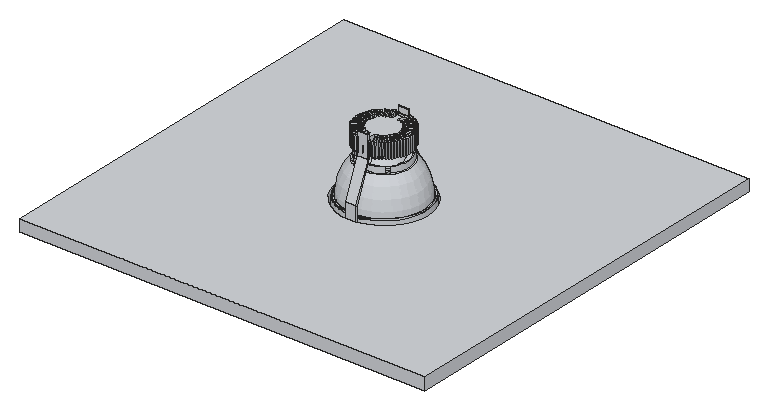
Revit family "VPX143 Double Wallwasher", category Lighting Fixtures, Revit 2014
Parameters (values of type "VPX143 Corner Wallwasher")
  Wattage Comments = "19.5"
  Wattage = 19.5 W
  built-in parameter 1150110 = 1 (stored number, unit not read)
  Type Comments = "Recessed"
  Type = "VPX143 Double Wallwasher"
  built-in parameter 1114217 = 1 (stored number, unit not read)
  Tilt Angle = 90.00°
  built-in parameter 1150109 = 1 (stored number, unit not read)
  built-in parameter 1150134 = (empty or 0)
  built-in parameter 1150113 = 1 (stored number, unit not read)
  Photometric Web File = "C3908.ies"
  O/A Diameter (mm) = "143"
  Model = "VPX143 Double Wallwasher"
  Manufacturer = "Designed Architectural Lighting"
  Luminous flux of luminaire (lm) = "2000"
  Lumens = 1998.75 lm
  built-in parameter 1150115 = 1 (stored number, unit not read)
  built-in parameter 1150105 = 159.06 (stored number, unit not read)
  built-in parameter 1150137 = (empty or 0)
  built-in parameter 1150139 = (empty or 0)
  built-in parameter 1150112 = 1 (stored number, unit not read)
  built-in parameter 1150114 = 1 (stored number, unit not read)
  Lamp = "LED"
  built-in parameter 1150132 = (empty or 0)
  built-in parameter 1150102 = (empty or 0)
  built-in parameter 1150138 = (empty or 0)
  built-in parameter 1150107 = 3000 (stored number, unit not read)
  built-in parameter 1150106 = 1.5906 (stored number, unit not read)
  Height (mm) = "125"
  built-in parameter 1150104 = 9.5226 (stored number, unit not read)
  Dimming Lamp Color Temperature Shift = <None>
  Description = "Recessed low brightness LED corner wallwasher"
  Cut Out (mm) = "131"
  Colour temperature (K) = "27000/3000/3500/4000"
  Color Filter = 16777215
  CRI = "80"
  built-in parameter 1114218 = 1 (stored number, unit not read)
  built-in parameter 1150133 = 10 (stored number, unit not read)
  Apparent Load = 19.5 VA
  Aperture (mm) = "100"
Reference planes
  plane 1 "Light Source Axis (F/B)": y = 0
  plane 2: z = 0
  plane 3 "Light Source Axis (L/R)": x = 0
  plane 4 "Light Source Elevation": z = 0
Forms (mm)
  Revolve 1, solid
    sketch origin (0, 0, 0) x (0, 1, 0) y (0, 0, 1)
      loop
        line (32.218, 76.537) -> (28.444, 76.537)
        arc (28.444, 76.537) -> (26.215, 75.748) -> (24.979, 73.732) r 3.542
        arc (24.979, 73.732) -> (15.057, 61.32) -> (0, 56.241) r 28.205
        line (0, 56.241) -> (0, 53.625)
        arc (0, 53.625) -> (17.499, 59.158) -> (28.444, 73.891) r 29.818
        line (28.444, 73.891) -> (32.218, 73.891) -> (32.218, 76.537)
      axis (0, 76.537) -> (0, 53.625)
    angle from 0 to 360
  Extrusion 2, solid
    sketch origin (1.875, -0.625, 0) x (1, 0, 0) y (0, 1, 0)
      loop
        line (-8.491, -38.066) -> (-8.491, -39.735) -> (6.509, -39.735) -> (6.509, -38.066) -> (-8.491, -38.066)
    from 92.996 to 125.22
  Extrusion 3, solid
    sketch origin (2.075, 80.578, 0) x (1, 0, 0) y (0, 1, 0)
      loop
        line (-9.083, -44.263) -> (-9.083, -45.652) -> (5.917, -45.652) -> (5.917, -44.263) -> (-9.083, -44.263)
    from 92.996 to 126.242
  Extrusion 4, solid
    sketch origin (2.075, -30.991, 0) x (1, 0, 0) y (0, 1, 0)
      loop
        line (-8.69, -30.82) -> (-8.69, -32.379) -> (6.31, -32.379) -> (6.31, -30.82) -> (-8.69, -30.82)
    from 3.8 to 40.975
  Extrusion 5, solid
    sketch origin (2.075, -21.759, 34.16) x (1, 0, 0) y (0, 0.914866, -0.403758)
      loop
        line (-8.69, -39.191) -> (-8.69, -40.839) -> (6.31, -40.839) -> (6.31, -39.191) -> (-8.69, -39.191)
    from -10.751 to 47.238
  Extrusion 6, solid
    sketch origin (2.075, 94.051, 69.507) x (1, 0, 0) y (0, 0.889554, 0.45683)
      loop
        line (-9.083, -40.714) -> (-9.083, -41.951) -> (5.917, -41.951) -> (5.917, -40.714) -> (-9.083, -40.714)
    from -11.237 to 48.07
  Extrusion 7, solid
    sketch origin (2.075, 110.905, 0) x (1, 0, 0) y (0, 1, 0)
      loop
        line (-9.083, -47.907) -> (-9.083, -49.183) -> (5.917, -49.183) -> (5.917, -47.907) -> (-9.083, -47.907)
    from 3.8 to 40.975
  Revolve 8, solid
    sketch origin (0, -0.008, 0) x (0, 1, 0) y (0, 0, 1)
      loop
        line (71.987, 0) -> (71.987, 2.117) -> (63.944, 2.117) -> (63.944, 3.8) -> (61.663, 3.8) -> (61.663, 24.673) -> (60.84, 24.673) -> (60.84, 26.768) -> (59.68, 26.768) -> (59.68, 1.768) -> (61.999, 1.768) -> (61.999, 0) -> (71.987, 0)
      axis (0, 26.768) -> (0, 0)
    angle from 0 to 360
  Extrusion 9, solid
    sketch origin (-38.915, -66.166, 2.266) x (1, 0, 0) y (0, 1, 0)
      loop
        line (-261.085, 366.181) -> (-261.085, -233.819) -> (338.915, -233.819) -> (338.915, 366.181) -> (-261.085, 366.181)
      loop
        circle (38.915, 66.181) r 65.5
    from 0 to 18
  Revolve 10, solid
    sketch origin (0, 0, 0) x (0, 1, 0) y (0, 0, 1)
      loop
        line (32.58, 77.504) -> (25.618, 77.504) -> (19.543, 86.509)
        arc (19.543, 86.509) -> (19.242, 88.412) -> (20.857, 89.461) r 1.768
        line (20.857, 89.461) -> (27.065, 89.461)
        arc (27.065, 89.461) -> (28.652, 90.036) -> (29.779, 91.291) r 3.466
        line (29.779, 91.291) -> (29.779, 96.291) -> (28.776, 96.291) -> (28.776, 92.372)
        arc (28.776, 92.372) -> (28.206, 90.996) -> (26.83, 90.426) r 1.946
        line (26.83, 90.426) -> (20.734, 90.426)
        arc (20.734, 90.426) -> (18.503, 89.004) -> (18.665, 86.364) r 2.606
        line (18.665, 86.364) -> (25.283, 76.552) -> (32.58, 76.552) -> (32.58, 77.504)
      axis (0, 96.291) -> (0, 76.552)
    angle from 0 to 360
  Extrusion 11, solid
    sketch origin (0.632, -2.118, 0) x (0, 1, 0) y (-1, 0, 0)
      loop
        line (8.036, -21.346) -> (9.763, -25.224)
        arc (9.763, -25.224) -> (9.158, -26.377) -> (9.105, -27.677) r 2.965
        line (9.105, -27.677) -> (12.96, -37.219)
        arc (12.96, -37.219) -> (13.673, -37.522) -> (13.976, -36.809) r 0.548
        line (13.976, -36.809) -> (10.23, -27.537)
        arc (10.23, -27.537) -> (10.843, -26.092) -> (12.288, -26.705) r 1.11
        line (12.288, -26.705) -> (16.28, -35.672)
        arc (16.28, -35.672) -> (17.02, -35.956) -> (17.304, -35.216) r 0.56
        line (17.304, -35.216) -> (13.182, -25.959)
        arc (13.182, -25.959) -> (12.31, -24.958) -> (11.028, -24.618) r 2.262
        line (11.028, -24.618) -> (9.403, -20.596) -> (11.989, -19.445) -> (14.463, -22.849)
        arc (14.463, -22.849) -> (14.111, -24.102) -> (14.33, -25.385) r 2.965
        line (14.33, -25.385) -> (20.084, -33.917)
        arc (20.084, -33.917) -> (20.845, -34.065) -> (20.992, -33.305) r 0.548
        line (20.992, -33.305) -> (15.4, -25.014)
        arc (15.4, -25.014) -> (15.7, -23.474) -> (17.241, -23.773) r 1.11
        line (17.241, -23.773) -> (23.009, -31.713)
        arc (23.009, -31.713) -> (23.792, -31.837) -> (23.916, -31.055) r 0.56
        line (23.916, -31.055) -> (17.96, -22.857)
        arc (17.96, -22.857) -> (16.899, -22.059) -> (15.574, -21.994) r 2.262
        line (15.574, -21.994) -> (13.148, -18.397) -> (15.119, -16.427) -> (18.389, -19.585)
        arc (18.389, -19.585) -> (18.26, -20.88) -> (18.699, -22.105) r 2.965
        line (18.699, -22.105) -> (25.847, -29.508)
        arc (25.847, -29.508) -> (26.622, -29.522) -> (26.635, -28.747) r 0.548
        line (26.635, -28.747) -> (19.689, -21.554)
        arc (19.689, -21.554) -> (19.716, -19.985) -> (21.285, -20.012) r 1.11
        line (21.285, -20.012) -> (28.346, -26.83)
        arc (28.346, -26.83) -> (29.138, -26.816) -> (29.124, -26.024) r 0.56
        line (29.124, -26.024) -> (21.835, -18.985)
        arc (21.835, -18.985) -> (20.652, -18.383) -> (19.335, -18.549) r 2.262
        line (19.335, -18.549) -> (16.322, -15.429) -> (18.148, -13.304) -> (21.857, -15.622)
        arc (21.857, -15.622) -> (22.001, -16.916) -> (22.684, -18.023) r 2.965
        line (22.684, -18.023) -> (31.216, -23.778)
        arc (31.216, -23.778) -> (31.976, -23.63) -> (31.828, -22.87) r 0.548
        line (31.828, -22.87) -> (23.538, -17.278)
        arc (23.538, -17.278) -> (23.238, -15.737) -> (24.779, -15.438) r 1.11
        line (24.779, -15.438) -> (33.102, -20.639)
        arc (33.102, -20.639) -> (33.874, -20.461) -> (33.696, -19.689) r 0.56
        line (33.696, -19.689) -> (25.103, -14.319)
        arc (25.103, -14.319) -> (23.821, -13.977) -> (22.567, -14.412) r 2.262
        line (22.567, -14.412) -> (18.971, -11.987) -> (20.87, -9.394) -> (24.954, -10.962)
        arc (24.954, -10.962) -> (25.341, -12.204) -> (26.224, -13.161) r 2.965
        line (26.224, -13.161) -> (35.697, -17.182)
        arc (35.697, -17.182) -> (36.415, -16.892) -> (36.125, -16.174) r 0.548
        line (36.125, -16.174) -> (26.92, -12.267)
        arc (26.92, -12.267) -> (26.332, -10.811) -> (27.787, -10.224) r 1.11
        line (27.787, -10.224) -> (36.95, -13.741)
        arc (36.95, -13.741) -> (37.673, -13.419) -> (37.351, -12.695) r 0.56
        line (37.351, -12.695) -> (27.891, -9.063)
        arc (27.891, -9.063) -> (26.567, -8.972) -> (25.42, -9.639) r 2.262
        line (25.42, -9.639) -> (21.427, -7.944) -> (22.262, -3.209) -> (24.741, -3.209)
        arc (24.741, -3.209) -> (29.592, -5.948) -> (34.984, -7.347) r 21.462
        line (34.984, -7.347) -> (36.065, -8.428) -> (39.133, -8.428) -> (39.133, -7.36) -> (36.601, -7.36) -> (36.601, 7.64) -> (39.186, 7.64) -> (39.186, 8.514) -> (36.351, 8.514) -> (34.984, 7.592) -> (34.984, -2.408)
        arc (34.984, -2.408) -> (34.341, -3.853) -> (32.76, -3.798) r 1.415
        line (32.76, -3.798) -> (31.024, -2.537) -> (31.024, 3.409) -> (22.339, 3.409) -> (21.555, 7.853) -> (25.597, 9.568)
        arc (25.597, 9.568) -> (26.744, 8.901) -> (28.067, 8.992) r 2.262
        line (28.067, 8.992) -> (37.528, 12.624)
        arc (37.528, 12.624) -> (37.85, 13.348) -> (37.126, 13.67) r 0.56
        line (37.126, 13.67) -> (27.963, 10.153)
        arc (27.963, 10.153) -> (26.508, 10.741) -> (27.096, 12.196) r 1.11
        line (27.096, 12.196) -> (36.301, 16.103)
        arc (36.301, 16.103) -> (36.591, 16.821) -> (35.873, 17.111) r 0.548
        line (35.873, 17.111) -> (26.4, 13.09)
        arc (26.4, 13.09) -> (25.518, 12.133) -> (25.13, 10.891) r 2.965
        line (25.13, 10.891) -> (21.047, 9.323) -> (19.147, 11.916) -> (22.744, 14.341)
        arc (22.744, 14.341) -> (23.997, 13.906) -> (25.279, 14.248) r 2.262
        line (25.279, 14.248) -> (33.873, 19.618)
        arc (33.873, 19.618) -> (34.051, 20.39) -> (33.279, 20.568) r 0.56
        line (33.279, 20.568) -> (24.955, 15.367)
        arc (24.955, 15.367) -> (23.415, 15.666) -> (23.714, 17.207) r 1.11
        line (23.714, 17.207) -> (32.005, 22.799)
        arc (32.005, 22.799) -> (32.152, 23.559) -> (31.392, 23.707) r 0.548
        line (31.392, 23.707) -> (22.861, 17.952)
        arc (22.861, 17.952) -> (22.177, 16.845) -> (22.034, 15.551) r 2.965
        line (22.034, 15.551) -> (18.324, 13.233) -> (16.498, 15.358) -> (19.512, 18.478)
        arc (19.512, 18.478) -> (20.828, 18.312) -> (22.011, 18.914) r 2.262
        line (22.011, 18.914) -> (29.3, 25.953)
        arc (29.3, 25.953) -> (29.314, 26.745) -> (28.522, 26.759) r 0.56
        line (28.522, 26.759) -> (21.462, 19.941)
        arc (21.462, 19.941) -> (19.893, 19.914) -> (19.865, 21.483) r 1.11
        line (19.865, 21.483) -> (26.812, 28.676)
        arc (26.812, 28.676) -> (26.798, 29.451) -> (26.024, 29.437) r 0.548
        line (26.024, 29.437) -> (18.875, 22.034)
        arc (18.875, 22.034) -> (18.437, 20.809) -> (18.566, 19.514) r 2.965
        line (18.566, 19.514) -> (15.419, 16.475) -> (13.325, 18.326) -> (15.751, 21.923)
        arc (15.751, 21.923) -> (17.076, 21.988) -> (18.136, 22.786) r 2.262
        line (18.136, 22.786) -> (24.092, 30.984)
        arc (24.092, 30.984) -> (23.969, 31.766) -> (23.186, 31.642) r 0.56
        line (23.186, 31.642) -> (17.417, 23.702)
        arc (17.417, 23.702) -> (15.876, 23.403) -> (15.577, 24.943) r 1.11
        line (15.577, 24.943) -> (21.169, 33.234)
        arc (21.169, 33.234) -> (21.021, 33.994) -> (20.261, 33.846) r 0.548
        line (20.261, 33.846) -> (14.506, 25.315)
        arc (14.506, 25.315) -> (14.287, 24.031) -> (14.639, 22.778) r 2.965
        line (14.639, 22.778) -> (12.068, 19.24) -> (9.579, 20.525) -> (11.204, 24.548)
        arc (11.204, 24.548) -> (12.487, 24.887) -> (13.358, 25.888) r 2.262
        line (13.358, 25.888) -> (17.48, 35.145)
        arc (17.48, 35.145) -> (17.196, 35.885) -> (16.456, 35.601) r 0.56
        line (16.456, 35.601) -> (12.464, 26.634)
        arc (12.464, 26.634) -> (11.02, 26.021) -> (10.406, 27.466) r 1.11
        line (10.406, 27.466) -> (14.152, 36.738)
        arc (14.152, 36.738) -> (13.85, 37.451) -> (13.137, 37.148) r 0.548
        line (13.137, 37.148) -> (9.282, 27.606)
        arc (9.282, 27.606) -> (9.334, 26.306) -> (9.939, 25.153) r 2.965
        line (9.939, 25.153) -> (8.16, 21.157) -> (5.456, 21.949) -> (6.209, 26.222)
        arc (6.209, 26.222) -> (7.393, 26.82) -> (8.038, 27.98) r 2.262
        line (8.038, 27.98) -> (10.144, 37.892)
        arc (10.144, 37.892) -> (9.713, 38.557) -> (9.048, 38.125) r 0.56
        line (9.048, 38.125) -> (7.008, 28.525)
        arc (7.008, 28.525) -> (5.722, 27.625) -> (4.822, 28.91) r 1.11
        line (4.822, 28.91) -> (6.558, 38.758)
        arc (6.558, 38.758) -> (6.114, 39.393) -> (5.48, 38.949) r 0.548
        line (5.48, 38.949) -> (3.693, 28.814)
        arc (3.693, 28.814) -> (4.015, 27.553) -> (4.846, 26.551) r 2.965
        line (4.846, 26.551) -> (3.936, 22.272) -> (0.629, 22.571) -> (0.629, 26.945)
        arc (0.629, 26.945) -> (1.65, 27.752) -> (2.227, 28.919) r 2.965
        line (2.227, 28.919) -> (2.586, 39.204)
        arc (2.586, 39.204) -> (2.058, 39.77) -> (1.492, 39.242) r 0.548
        line (1.492, 39.242) -> (1.143, 29.248)
        arc (1.143, 29.248) -> (-0.005, 28.178) -> (-1.076, 29.325) r 1.11
        line (-1.076, 29.325) -> (-1.076, 39.14)
        arc (-1.076, 39.14) -> (-1.636, 39.7) -> (-2.196, 39.14) r 0.56
        line (-2.196, 39.14) -> (-2.196, 29.007)
        arc (-2.196, 29.007) -> (-1.807, 27.738) -> (-0.773, 26.906) r 2.262
        line (-0.773, 26.906) -> (-0.925, 22.571) -> (-3.664, 22.35) -> (-4.573, 26.629)
        arc (-4.573, 26.629) -> (-3.742, 27.631) -> (-3.42, 28.892) r 2.965
        line (-3.42, 28.892) -> (-5.207, 39.026)
        arc (-5.207, 39.026) -> (-5.842, 39.471) -> (-6.286, 38.836) r 0.548
        line (-6.286, 38.836) -> (-4.55, 28.988)
        arc (-4.55, 28.988) -> (-5.45, 27.703) -> (-6.735, 28.603) r 1.11
        line (-6.735, 28.603) -> (-8.776, 38.203)
        arc (-8.776, 38.203) -> (-9.441, 38.635) -> (-9.872, 37.97) r 0.56
        line (-9.872, 37.97) -> (-7.765, 28.058)
        arc (-7.765, 28.058) -> (-7.121, 26.898) -> (-5.937, 26.3) r 2.262
        line (-5.937, 26.3) -> (-5.184, 22.027) -> (-7.888, 21.235) -> (-9.667, 25.231)
        arc (-9.667, 25.231) -> (-9.062, 26.384) -> (-9.009, 27.684) r 2.965
        line (-9.009, 27.684) -> (-12.864, 37.226)
        arc (-12.864, 37.226) -> (-13.577, 37.529) -> (-13.88, 36.816) r 0.548
        line (-13.88, 36.816) -> (-10.134, 27.544)
        arc (-10.134, 27.544) -> (-10.747, 26.099) -> (-12.192, 26.712) r 1.11
        line (-12.192, 26.712) -> (-16.184, 35.679)
        arc (-16.184, 35.679) -> (-16.924, 35.963) -> (-17.208, 35.223) r 0.56
        line (-17.208, 35.223) -> (-13.086, 25.966)
        arc (-13.086, 25.966) -> (-12.215, 24.965) -> (-10.932, 24.625) r 2.262
        line (-10.932, 24.625) -> (-9.307, 20.603) -> (-11.796, 19.318) -> (-14.367, 22.856)
        arc (-14.367, 22.856) -> (-14.015, 24.109) -> (-14.234, 25.393) r 2.965
        line (-14.234, 25.393) -> (-19.988, 33.924)
        arc (-19.988, 33.924) -> (-20.749, 34.072) -> (-20.897, 33.312) r 0.548
        line (-20.897, 33.312) -> (-15.305, 25.021)
        arc (-15.305, 25.021) -> (-15.604, 23.481) -> (-17.145, 23.78) r 1.11
        line (-17.145, 23.78) -> (-22.914, 31.72)
        arc (-22.914, 31.72) -> (-23.696, 31.844) -> (-23.82, 31.062) r 0.56
        line (-23.82, 31.062) -> (-17.864, 22.864)
        arc (-17.864, 22.864) -> (-16.804, 22.066) -> (-15.478, 22.001) r 2.262
        line (-15.478, 22.001) -> (-13.053, 18.404) -> (-15.147, 16.553) -> (-18.293, 19.592)
        arc (-18.293, 19.592) -> (-18.165, 20.887) -> (-18.603, 22.112) r 2.965
        line (-18.603, 22.112) -> (-25.752, 29.515)
        arc (-25.752, 29.515) -> (-26.526, 29.529) -> (-26.54, 28.754) r 0.548
        line (-26.54, 28.754) -> (-19.593, 21.561)
        arc (-19.593, 21.561) -> (-19.62, 19.992) -> (-21.19, 20.019) r 1.11
        line (-21.19, 20.019) -> (-28.25, 26.837)
        arc (-28.25, 26.837) -> (-29.042, 26.823) -> (-29.028, 26.031) r 0.56
        line (-29.028, 26.031) -> (-21.739, 18.992)
        arc (-21.739, 18.992) -> (-20.556, 18.39) -> (-19.24, 18.556) r 2.262
        line (-19.24, 18.556) -> (-16.226, 15.436) -> (-18.052, 13.311) -> (-21.761, 15.629)
        arc (-21.761, 15.629) -> (-21.905, 16.923) -> (-22.588, 18.03) r 2.965
        line (-22.588, 18.03) -> (-31.12, 23.785)
        arc (-31.12, 23.785) -> (-31.88, 23.637) -> (-31.732, 22.877) r 0.548
        line (-31.732, 22.877) -> (-23.442, 17.285)
        arc (-23.442, 17.285) -> (-23.143, 15.744) -> (-24.683, 15.445) r 1.11
        line (-24.683, 15.445) -> (-33.007, 20.646)
        arc (-33.007, 20.646) -> (-33.779, 20.468) -> (-33.6, 19.696) r 0.56
        line (-33.6, 19.696) -> (-25.007, 14.326)
        arc (-25.007, 14.326) -> (-23.725, 13.984) -> (-22.472, 14.419) r 2.262
        line (-22.472, 14.419) -> (-18.979, 12.063) -> (-20.774, 9.401) -> (-24.858, 10.969)
        arc (-24.858, 10.969) -> (-25.245, 12.211) -> (-26.128, 13.168) r 2.965
        line (-26.128, 13.168) -> (-35.601, 17.189)
        arc (-35.601, 17.189) -> (-36.319, 16.899) -> (-36.029, 16.181) r 0.548
        line (-36.029, 16.181) -> (-26.824, 12.274)
        arc (-26.824, 12.274) -> (-26.236, 10.819) -> (-27.691, 10.231) r 1.11
        line (-27.691, 10.231) -> (-36.854, 13.748)
        arc (-36.854, 13.748) -> (-37.578, 13.426) -> (-37.255, 12.702) r 0.56
        line (-37.255, 12.702) -> (-27.795, 9.07)
        arc (-27.795, 9.07) -> (-26.471, 8.979) -> (-25.324, 9.646) r 2.262
        line (-25.324, 9.646) -> (-21.289, 7.933) -> (-22.142, 3.096) -> (-24.544, 3.096)
        arc (-24.544, 3.096) -> (-29.395, 5.836) -> (-34.788, 7.235) r 21.462
        line (-34.788, 7.235) -> (-35.869, 8.316) -> (-38.936, 8.316) -> (-38.936, 7.247) -> (-36.404, 7.247) -> (-36.404, -7.753) -> (-38.989, -7.753) -> (-38.989, -8.626) -> (-36.154, -8.626) -> (-34.788, -7.705) -> (-34.788, 2.295)
        arc (-34.788, 2.295) -> (-34.144, 3.741) -> (-32.563, 3.686) r 1.415
        line (-32.563, 3.686) -> (-30.827, 2.424) -> (-30.827, -3.521) -> (-22.142, -3.521) -> (-21.155, -7.866) -> (-25.148, -9.561)
        arc (-25.148, -9.561) -> (-26.295, -8.894) -> (-27.619, -8.985) r 2.262
        line (-27.619, -8.985) -> (-37.079, -12.617)
        arc (-37.079, -12.617) -> (-37.401, -13.341) -> (-36.677, -13.663) r 0.56
        line (-36.677, -13.663) -> (-27.514, -10.146)
        arc (-27.514, -10.146) -> (-26.059, -10.734) -> (-26.647, -12.189) r 1.11
        line (-26.647, -12.189) -> (-35.852, -16.096)
        arc (-35.852, -16.096) -> (-36.142, -16.814) -> (-35.424, -17.104) r 0.548
        line (-35.424, -17.104) -> (-25.951, -13.083)
        arc (-25.951, -13.083) -> (-25.069, -12.126) -> (-24.681, -10.884) r 2.965
        line (-24.681, -10.884) -> (-20.598, -9.316) -> (-18.802, -11.978) -> (-22.295, -14.334)
        arc (-22.295, -14.334) -> (-23.548, -13.899) -> (-24.83, -14.241) r 2.262
        line (-24.83, -14.241) -> (-33.424, -19.611)
        arc (-33.424, -19.611) -> (-33.602, -20.383) -> (-32.83, -20.561) r 0.56
        line (-32.83, -20.561) -> (-24.507, -15.36)
        arc (-24.507, -15.36) -> (-22.966, -15.659) -> (-23.266, -17.2) r 1.11
        line (-23.266, -17.2) -> (-31.556, -22.792)
        arc (-31.556, -22.792) -> (-31.704, -23.552) -> (-30.943, -23.7) r 0.548
        line (-30.943, -23.7) -> (-22.412, -17.945)
        arc (-22.412, -17.945) -> (-21.728, -16.838) -> (-21.585, -15.544) r 2.965
        line (-21.585, -15.544) -> (-17.876, -13.226) -> (-16.05, -15.351) -> (-19.063, -18.471)
        arc (-19.063, -18.471) -> (-20.38, -18.305) -> (-21.562, -18.907) r 2.262
        line (-21.562, -18.907) -> (-28.852, -25.946)
        arc (-28.852, -25.946) -> (-28.866, -26.738) -> (-28.073, -26.752) r 0.56
        line (-28.073, -26.752) -> (-21.013, -19.934)
        arc (-21.013, -19.934) -> (-19.444, -19.907) -> (-19.417, -21.476) r 1.11
        line (-19.417, -21.476) -> (-26.363, -28.669)
        arc (-26.363, -28.669) -> (-26.35, -29.444) -> (-25.575, -29.43) r 0.548
        line (-25.575, -29.43) -> (-18.426, -22.027)
        arc (-18.426, -22.027) -> (-17.988, -20.802) -> (-18.117, -19.507) r 2.965
        line (-18.117, -19.507) -> (-14.971, -16.468) -> (-12.876, -18.319) -> (-15.302, -21.916)
        arc (-15.302, -21.916) -> (-16.627, -21.981) -> (-17.688, -22.779) r 2.262
        line (-17.688, -22.779) -> (-23.644, -30.977)
        arc (-23.644, -30.977) -> (-23.52, -31.759) -> (-22.737, -31.635) r 0.56
        line (-22.737, -31.635) -> (-16.968, -23.695)
        arc (-16.968, -23.695) -> (-15.428, -23.396) -> (-15.128, -24.936) r 1.11
        line (-15.128, -24.936) -> (-20.72, -33.227)
        arc (-20.72, -33.227) -> (-20.572, -33.987) -> (-19.812, -33.839) r 0.548
        line (-19.812, -33.839) -> (-14.057, -25.308)
        arc (-14.057, -25.308) -> (-13.838, -24.024) -> (-14.19, -22.771) r 2.965
        line (-14.19, -22.771) -> (-11.619, -19.233) -> (-9.13, -20.518) -> (-10.756, -24.541)
        arc (-10.756, -24.541) -> (-12.038, -24.88) -> (-12.91, -25.881) r 2.262
        line (-12.91, -25.881) -> (-17.031, -35.138)
        arc (-17.031, -35.138) -> (-16.747, -35.878) -> (-16.008, -35.594) r 0.56
        line (-16.008, -35.594) -> (-12.016, -26.627)
        arc (-12.016, -26.627) -> (-10.571, -26.014) -> (-9.958, -27.459) r 1.11
        line (-9.958, -27.459) -> (-13.704, -36.731)
        arc (-13.704, -36.731) -> (-13.401, -37.444) -> (-12.688, -37.141) r 0.548
        line (-12.688, -37.141) -> (-8.833, -27.599)
        arc (-8.833, -27.599) -> (-8.886, -26.299) -> (-9.49, -25.146) r 2.965
        line (-9.49, -25.146) -> (-7.711, -21.15) -> (-5.621, -22.23) -> (-6.224, -26.518)
        arc (-6.224, -26.518) -> (-7.386, -27.158) -> (-7.99, -28.34) r 2.262
        line (-7.99, -28.34) -> (-9.749, -38.319)
        arc (-9.749, -38.319) -> (-9.295, -38.968) -> (-8.646, -38.514) r 0.56
        line (-8.646, -38.514) -> (-6.942, -28.848)
        arc (-6.942, -28.848) -> (-5.688, -27.904) -> (-4.744, -29.157) r 1.11
        line (-4.744, -29.157) -> (-6.135, -39.06)
        arc (-6.135, -39.06) -> (-5.669, -39.678) -> (-5.051, -39.212) r 0.548
        line (-5.051, -39.212) -> (-3.618, -29.021)
        arc (-3.618, -29.021) -> (-3.984, -27.772) -> (-4.85, -26.8) r 2.965
        line (-4.85, -26.8) -> (-4.09, -22.492) -> (-0.819, -23.069) -> (-0.666, -27.446)
        arc (-0.666, -27.446) -> (-1.7, -28.278) -> (-2.089, -29.546) r 2.262
        line (-2.089, -29.546) -> (-2.089, -39.679)
        arc (-2.089, -39.679) -> (-1.529, -40.24) -> (-0.968, -39.679) r 0.56
        line (-0.968, -39.679) -> (-0.968, -29.865)
        arc (-0.968, -29.865) -> (0.102, -28.717) -> (1.25, -29.787) r 1.11
        line (1.25, -29.787) -> (1.599, -39.781)
        arc (1.599, -39.781) -> (2.165, -40.309) -> (2.694, -39.743) r 0.548
        line (2.694, -39.743) -> (2.334, -29.458)
        arc (2.334, -29.458) -> (1.757, -28.291) -> (0.736, -27.484) r 2.965
        line (0.736, -27.484) -> (0.736, -23.11) -> (4.345, -22.474) -> (5.122, -26.878)
        arc (5.122, -26.878) -> (4.256, -27.85) -> (3.891, -29.099) r 2.965
        line (3.891, -29.099) -> (5.323, -39.29)
        arc (5.323, -39.29) -> (5.941, -39.756) -> (6.408, -39.138) r 0.548
        line (6.408, -39.138) -> (5.016, -29.235)
        arc (5.016, -29.235) -> (5.96, -27.981) -> (7.214, -28.926) r 1.11
        line (7.214, -28.926) -> (8.918, -38.592)
        arc (8.918, -38.592) -> (9.567, -39.046) -> (10.022, -38.397) r 0.56
        line (10.022, -38.397) -> (8.262, -28.418)
        arc (8.262, -28.418) -> (7.658, -27.236) -> (6.496, -26.596) r 2.262
        line (6.496, -26.596) -> (5.892, -22.3) -> (8.036, -21.346)
    from 96.291 to 117.627
  Revolve 12, solid
    sketch origin (0, 0.01, 1.25) x (0, 1, 0) y (0, 0, 1)
      loop
        line (53.08, 1.419) -> (52.339, -1.094) -> (61.499, -1.094) -> (61.499, 0.325) -> (54.149, 0.325) -> (54.471, 1.419) -> (54.832, 2.643)
        arc (54.832, 2.643) -> (56.16, 39.832) -> (39.444, 73.079) r 74.979
        line (39.444, 73.079) -> (36.165, 73.079) -> (36.165, 81.192) -> (34.654, 81.192) -> (34.654, 71.192) -> (38.773, 71.192)
        arc (38.773, 71.192) -> (55.028, 38.172) -> (53.08, 1.419) r 72.895
      axis (0, 81.192) -> (0, -1.094)
    angle from 0 to 360
  Extrusion 13, void
    sketch origin (0, 0, -146.25) x (0, 1, 0) y (0, 0, 1)
      loop
        line (27.111, 231.25) -> (-27.87, 231.25) -> (-27.87, 142.627) -> (27.111, 142.627) -> (27.111, 231.25)
    from -27.98 to 28.309
Cuts and joins
  Extrusion 13 cuts Revolve 12
Dimensions and locks
  aligned and locked: plane 3 "Light Source Axis (L/R)" to imposter light
  aligned and locked: plane 1 "Light Source Axis (F/B)" to imposter light
  aligned and locked: plane 4 "Light Source Elevation" to imposter light
  aligned and locked: level to plane 2
